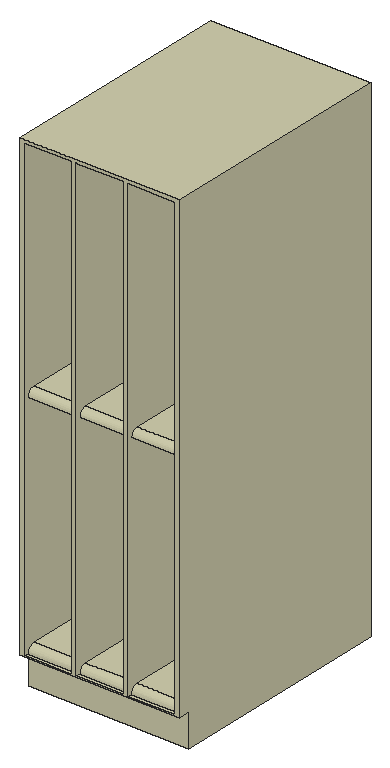
Revit family "Wenger Cabinet 19", category Furniture, Revit 2011
Parameters (values of type "Standard Cabinet #19")
  URL = "http://www.wengercorp.com/Home/Contact.html"
  Toekick Material [instance] = none
  RH End Panel [instance] = no
  Model = "19"
  Manufacturer = "Wenger Corporation"
  LH End Panel [instance] = no
  End Panel Material [instance] = none
  Edge Banding Material [instance] = none
  Door Material [instance] = Default
  Description = "Standard Cabinet #2"
  Cabinet Width = 2' - 3 1/2"
  Cabinet Height = 7' - 1 5/8"
  Cabinet Depth = 3' - 5 1/4"
  Cabinet Back Thickness = 0' - 0 3/4"
  Cabinet Label = Labels : Standard
  Assembly Code = ""
Types (4): name | RH End Panel | Model | Door Material | Description | Cabinet Width | Cabinet Depth | Cabinet Back Thickness | Cabinet Label
  Standard Cabinet #19 | no | "19" | Default | "Standard Cabinet #2" | 2' - 3 1/2" | 3' - 5 1/4" | 0' - 0 3/4" | Labels : Standard
  Acoustic Cabinet #19 | yes | "19A" | none | "Acoustic Cabinet #19" | 2' - 3 1/2" | 3' - 7 3/4" | 0' - 3 1/4" | Labels : Acoustic
  Narrow Cabinet #19 | no | "19N" | none | "Narrow Cabinet #19" | 1' - 9 1/2" | 3' - 5 1/4" | 0' - 0 3/4" | Labels : Narrow
  Narrow Acoustic Cabinet #19 | no | "19NA" | none | "Narrow Acoustic Cabinet #19" | 1' - 9 1/2" | 3' - 7 3/4" | 0' - 3 1/4" | Labels : Narrow Acoustic
Reference planes (in)
  plane 1 "Front": y = 0
  plane 2: z = 0
  plane 3 "Left": x = 0
  plane 4 "Right": x = 27.5
  plane 5 "Back": y = 41.25
  plane 6 "Top": z = 85.625
  plane 7: z = 5.625
  plane 8: z = 45.4875
  plane 9: x = 0.75
  plane 10: x = 26.75
  plane 11: z = 84.875
  plane 12: x = 8.91667
  plane 13: x = 9.66667
  plane 14: x = 17.83333
  plane 15: x = 18.58333
  plane 16: y = 40.5
  plane 17: y = 2
  plane 18: y = 0.75
  plane 19: z = 46.6125
  plane 20: z = 7
Forms (in)
  Extrusion 1, solid, material "Wenger - Oyster"
    sketch origin (0, 0, 0) x (0, 1, 0) y (0, 0, 1)
      loop
        line (0, 85.625) -> (0, 5.625) -> (2, 5.625) -> (2, 0) -> (41.25, 0) -> (41.25, 85.625) -> (0, 85.625)
    from 0 to 27.5
  Extrusion 2, void
    sketch origin (0, 0, 0.25) x (0, 1, 0) y (0, 0, 1)
      loop
        line (-5.5, 84.875) -> (-5.5, 5.49432) -> (0.74432, 5.49432)
        arc (0.74432, 5.49432) -> (1.1121, 6.38222) -> (2, 6.75) r 1.25568
        line (2, 6.75) -> (40.5, 6.75) -> (40.5, 45.2375) -> (0.75, 45.2375)
        arc (0.75, 45.2375) -> (1.15915, 46.03984) -> (2, 46.3625) r 1.25694
        line (2, 46.3625) -> (40.5, 46.3625) -> (40.5, 84.875) -> (-5.5, 84.875)
    from 0.75 to 8.91667
  Extrusion 3, void
    sketch origin (9.08203, 0, 0.25) x (0, 1, 0) y (0, 0, 1)
      loop
        line (-5.5, 84.875) -> (-5.5, 5.49432) -> (0.74432, 5.49432)
        arc (0.74432, 5.49432) -> (1.1121, 6.38222) -> (2, 6.75) r 1.25568
        line (2, 6.75) -> (40.5, 6.75) -> (40.5, 45.2375) -> (0.75, 45.2375)
        arc (0.75, 45.2375) -> (1.15915, 46.03984) -> (2, 46.3625) r 1.25694
        line (2, 46.3625) -> (40.5, 46.3625) -> (40.5, 84.875) -> (-5.5, 84.875)
    from 0.58464 to 8.7513
  Extrusion 4, void
    sketch origin (17.91406, 0, 0.25) x (0, 1, 0) y (0, 0, 1)
      loop
        line (-5.5, 84.875) -> (-5.5, 5.49432) -> (0.74432, 5.49432)
        arc (0.74432, 5.49432) -> (1.1121, 6.38222) -> (2, 6.75) r 1.25568
        line (2, 6.75) -> (40.5, 6.75) -> (40.5, 45.2375) -> (0.75, 45.2375)
        arc (0.75, 45.2375) -> (1.15915, 46.03984) -> (2, 46.3625) r 1.25694
        line (2, 46.3625) -> (40.5, 46.3625) -> (40.5, 84.875) -> (-5.5, 84.875)
    from 0.66927 to 8.83594
Cuts and joins
  Extrusion 2, Extrusion 3, Extrusion 4 cuts Extrusion 1
Lines and regions (in)
  symbolic lines
    curve 1: line (0, 41.25, 0) -> (27.5, 41.25, 0)
    curve 2: line (0, 0, 0) -> (0, 41.25, 0)
    curve 3: line (27.5, 0, 0) -> (0, 0, 0)
    curve 4: line (27.5, 41.25, 0) -> (27.5, 0, 0)
  model lines
    curve 5: line (0, 40.5, 84.875) -> (0, 40.5, 46.6125)
    curve 6: line (0, 40.5, 46.6125) -> (0, 2, 46.6125)
    curve 7: arc (0, 2, 46.6125) -> (0, 1.15915, 46.28984) -> (0, 0.75, 45.4875) r 1.25694
    curve 8: line (0, 0.75, 45.4875) -> (0, 40.5, 45.4875)
    curve 9: line (0, 40.5, 45.4875) -> (0, 40.5, 7)
    curve 10: line (0, 40.5, 7) -> (0, 2, 7)
    curve 11: arc (0, 2, 7) -> (0, 1.07087, 6.58898) -> (0, 0.75, 5.625) r 1.25568
Dimensions and locks (in)
  locked: plane 3 "Left" to plane 9 at 0.75
  locked: plane 12 to plane 13 at 0.75
  locked: plane 14 to plane 15 at 0.75
  locked: plane 10 to plane 4 "Right" at 0.75
  "Cabinet Back Thickness": plane 5 "Back" to plane 16
  locked: plane 1 "Front" to plane 18 at 0.75
  locked: plane 1 "Front" to plane 17 at 2
  locked: plane 19 to plane 8 at 1.125
  locked: plane 6 "Top" to plane 11 at 0.75
  plane 20 to plane 7 = 0' - 1 3/8"
  equal spacing: plane 10, plane 14, plane 12, plane 3 "Left"
  "Cabinet Width": plane 3 "Left" to plane 4 "Right"
  locked: plane 7 to level at 5.625
  "Cabinet Height": plane 6 "Top" to level
  "Cabinet Depth": plane 1 "Front" to plane 5 "Back"
  plane 9 to plane 10 = 2' - 2"
  plane 11 to plane 7 = 6' - 7 1/4"
  locked: cut or joined group of Extrusion 1, Extrusion 2, Extrusion 3, Extrusion 4 to plane 19 at 38.5125
  locked: plane 8 to plane 20 at 38.4875
  aligned and locked: Extrusion 1 sketch curve to plane 6 "Top"
  aligned and locked: Extrusion 1 sketch curve to plane 5 "Back"
  aligned and locked: Extrusion 1 sketch curve to plane 1 "Front"
  aligned and locked: Extrusion 1 sketch curve to plane 7
  aligned and locked: Extrusion 1 sketch curve to plane 17
  aligned and locked: Extrusion 1 sketch curve to level
  aligned and locked: Extrusion 1 to plane 4 "Right"
  aligned and locked: Extrusion 1 to plane 3 "Left"
  aligned: Extrusion 2 to plane 10
  aligned and locked: Extrusion 2 to plane 9
  aligned and locked: plane 3 "Left" to curve 2
  aligned and locked: curve 1 to plane 5 "Back"
  aligned and locked: plane 4 "Right" to curve 4
  aligned and locked: curve 3 to plane 1 "Front"
  aligned and locked: plane 12 to Extrusion 2
  aligned and locked: plane 14 to Extrusion 3
  aligned and locked: Extrusion 4 to plane 10
  aligned and locked: Extrusion 3 to plane 13
  aligned and locked: Extrusion 4 to plane 15
Automatic sketch dimensions
  curve 11 to plane 7 = 0' - 0"
  curve 11 to plane 18 = 0' - 0"
  curve 8 to plane 8 = 0' - 0"
  curve 8 to plane 18 = 0' - 0"
  curve 6 to plane 17 = 0' - 0"
  curve 11 to plane 17 = 0' - 0"
  curve 9 to plane 16 = 0' - 0"
  curve 5 to plane 16 = 0' - 0"
  curve 11 to plane 20 = 0' - 0"
  curve 6 to plane 19 = 0' - 0"
  curve 5 to plane 11 = 0' - 0"
  Extrusion 2 sketch curve to plane 8 = 0' - 0"
  Extrusion 2 sketch curve to plane 18 = 0' - 0"
  Extrusion 2 sketch curve to plane 17 = 0' - 0"  (x2)
  Extrusion 2 sketch curve to plane 16 = 0' - 0"  (x2)
  Extrusion 2 sketch curve to plane 20 = 0' - 0"
  Extrusion 2 sketch curve to plane 19 = 0' - 0"
  plane 18 to Extrusion 2 sketch curve = 0' - 0.00568"
  plane 11 to Extrusion 2 sketch curve = 0' - 0 1/4"
  plane 1 "Front" to Extrusion 2 sketch curve = 0' - 5 1/2"
  Extrusion 3 sketch curve to plane 8 = 0' - 0"
  Extrusion 3 sketch curve to plane 18 = 0' - 0"
  Extrusion 3 sketch curve to plane 17 = 0' - 0"  (x2)
  Extrusion 3 sketch curve to plane 16 = 0' - 0"  (x2)
  Extrusion 3 sketch curve to plane 20 = 0' - 0"
  Extrusion 3 sketch curve to plane 19 = 0' - 0"
  plane 18 to Extrusion 3 sketch curve = 0' - 0.00568"
  plane 11 to Extrusion 3 sketch curve = 0' - 0 1/4"
  plane 1 "Front" to Extrusion 3 sketch curve = 0' - 5 1/2"
  Extrusion 4 sketch curve to plane 8 = 0' - 0"
  Extrusion 4 sketch curve to plane 18 = 0' - 0"
  Extrusion 4 sketch curve to plane 17 = 0' - 0"  (x2)
  Extrusion 4 sketch curve to plane 16 = 0' - 0"  (x2)
  Extrusion 4 sketch curve to plane 20 = 0' - 0"
  Extrusion 4 sketch curve to plane 19 = 0' - 0"
  plane 18 to Extrusion 4 sketch curve = 0' - 0.00568"
  plane 11 to Extrusion 4 sketch curve = 0' - 0 1/4"
  plane 1 "Front" to Extrusion 4 sketch curve = 0' - 5 1/2"
Nested families (in)
  nested 1: "LH End Panel" at (0, 26.25, 0) x (0, -1, 0) z (0, 0, 1), End Panel Material <- "End Panel Material", visible <- "LH End Panel", Edge Banding Material <- "Edge Banding Material", type "20x84 LH"
    with End Panel Material none, Edge Banding Material none, End Panel Depth 3' - 5 1/4"
  nested 2: "RH End Panel" at (28.25, 26.25, 0) x (0, -1, 0) z (0, 0, 1), End Panel Material <- "End Panel Material", visible <- "RH End Panel", Edge Banding Material <- "Edge Banding Material", type "20x84 RH"
    with End Panel Material none, Edge Banding Material none, End Panel Depth 3' - 5 1/4"
  nested 3: "No Door" at (0.75, 0, 5.625), type "No Door"
  nested 4: "No Door" at (9.66667, 0, 5.625), type "No Door"
  nested 5: "No Door" at (18.58333, 0, 5.625), type "No Door"
  nested 6: "No Door" at (0.75, 0, 21.475), type "No Door"
  nested 7: "No Door" at (9.66667, 0, 21.475), type "No Door"
  nested 8: "No Door" at (18.58333, 0, 21.475), type "No Door"
  nested 9: "No Door" at (0.75, 0, 37.325), type "No Door"
  nested 10: "No Door" at (9.66667, 0, 37.325), type "No Door"
  nested 11: "No Door" at (18.58333, 0, 37.325), type "No Door"
  nested 12: "No Door" at (0.75, 0, 53.175), type "No Door"
  nested 13: "No Door" at (9.66667, 0, 53.175), type "No Door"
  nested 14: "No Door" at (18.58333, 0, 53.175), type "No Door"
  nested 15: "No Door" at (0.75, 0, 69.025), type "No Door"
  nested 16: "No Door" at (9.66667, 0, 69.025), type "No Door"
  nested 17: "No Door" at (18.58333, 0, 69.025), type "No Door"
  nested 18: "No Door" at (0.75, 0, 5.625), type "No Door", not visible
  nested 19: "Labels" at (11.03617, 12.00298, 0), type <- "Cabinet Label", type "Standard"
  nested 20: "Front Note" at (11.25204, 2.40318, 0), type "Front Note", detail levels medium+fine
Definition of nested family "LH End Panel"
  Parameters (values of type "20x84 LH")
    End Panel Material [instance] = none
    End Panel Height = 7' - 1 5/8"
    End Panel Depth = 1' - 7 1/4"
    Edge Banding Material [instance] = none
    Default Elevation = 4' - 0"
    Assembly Code = ""
  Reference planes (in)
    plane 1 "Center (Front/Back)": y = 0
    plane 2: z = 0
    plane 3 "Center (Left/Right)": x = 0
    plane 4: x = -15
    plane 5: x = 4.25
    plane 6: z = 5.625
    plane 7: x = 2.25
    plane 8: z = 85.625
    plane 9: y = -0.75
  Forms (in)
    Extrusion 1, solid, material <- "End Panel Material"
      sketch origin (0, 0, 0) x (1, 0, 0) y (0, 0, 1)
        loop
          line (-15, 85.625) -> (-15, 0) -> (2.25, 0) -> (2.25, 5.625) -> (4.25, 5.625) -> (4.25, 85.625) -> (-15, 85.625)
      from 0 to 0.75
  Dimensions and locks (in)
    locked: plane 7 to plane 5 at 2
    locked: plane 6 to level at 5.625
    "End Panel Height": plane 8 to level
    "End Panel Depth": plane 5 to plane 4
    locked: plane 9 to plane 1 "Center (Front/Back)" at 0.75
    aligned and locked: plane 4 to Extrusion 1 sketch curve
    aligned and locked: level to Extrusion 1 sketch curve
    aligned and locked: plane 7 to Extrusion 1 sketch curve
    aligned and locked: plane 6 to Extrusion 1 sketch curve
    aligned and locked: Extrusion 1 sketch curve to plane 5
    aligned and locked: Extrusion 1 sketch curve to plane 8
    aligned and locked: Extrusion 1 to plane 9
    aligned and locked: Extrusion 1 to plane 1 "Center (Front/Back)"
Definition of nested family "RH End Panel"
  Parameters (values of type "20x84 RH")
    End Panel Material [instance] = none
    End Panel Height = 7' - 1 5/8"
    End Panel Depth = 1' - 7 1/4"
    Edge Banding Material [instance] = none
    Default Elevation = 4' - 0"
    Assembly Code = ""
  Reference planes (in)
    plane 1 "Center (Front/Back)": y = 0
    plane 2: z = 0
    plane 3 "Center (Left/Right)": x = 0
    plane 4: x = -15
    plane 5: x = 4.25
    plane 6: z = 5.625
    plane 7: x = 2.25
    plane 8: z = 85.625
    plane 9: y = -0.75
  Forms (in)
    Extrusion 1, solid, material <- "End Panel Material"
      sketch origin (0, 0, 0) x (1, 0, 0) y (0, 0, 1)
        loop
          line (-15, 85.625) -> (-15, 0) -> (2.25, 0) -> (2.25, 5.625) -> (4.25, 5.625) -> (4.25, 85.625) -> (-15, 85.625)
      from 0 to 0.75
  Dimensions and locks (in)
    locked: plane 7 to plane 5 at 2
    locked: plane 6 to level at 5.625
    "End Panel Height": plane 8 to level
    "End Panel Depth": plane 5 to plane 4
    locked: plane 9 to plane 1 "Center (Front/Back)" at 0.75
    aligned and locked: plane 4 to Extrusion 1 sketch curve
    aligned and locked: level to Extrusion 1 sketch curve
    aligned and locked: plane 7 to Extrusion 1 sketch curve
    aligned and locked: plane 6 to Extrusion 1 sketch curve
    aligned and locked: Extrusion 1 sketch curve to plane 5
    aligned and locked: Extrusion 1 sketch curve to plane 8
    aligned and locked: Extrusion 1 to plane 9
    aligned and locked: Extrusion 1 to plane 1 "Center (Front/Back)"
Definition of nested family "No Door"
  Parameters (values of type "No Door")
    Door Material = none
    Default Elevation = 4' - 0"
  Reference planes (in)
    plane 1 "Center (Front/Back)": y = 0
    plane 2: z = 0
    plane 3 "Center (Left/Right)": x = 0
Definition of nested family "Labels"
  Parameters (values of type "Standard")
    Cabinet Label = "01"
  Types (4): name | Cabinet Label
    Standard | "01"
    Narrow | "01N"
    Narrow Acoustic | "01NA"
    Acoustic | "01A"
  Reference planes (in)
    plane 1: y = 0
    plane 2: x = 0
  Text (in)
    label "xxxx" at (-0.00018, 0.00754, 0), shows "Cabinet Label"
Definition of nested family "Front Note"
  Parameters (values of type "Front Note")
    Cabinet Label = "Front"
  Reference planes (in)
    plane 1: y = 0
    plane 2: x = 0
  Text (in)
    label "Front" at (-0.00018, 0.00754, 0), shows "Cabinet Label"
